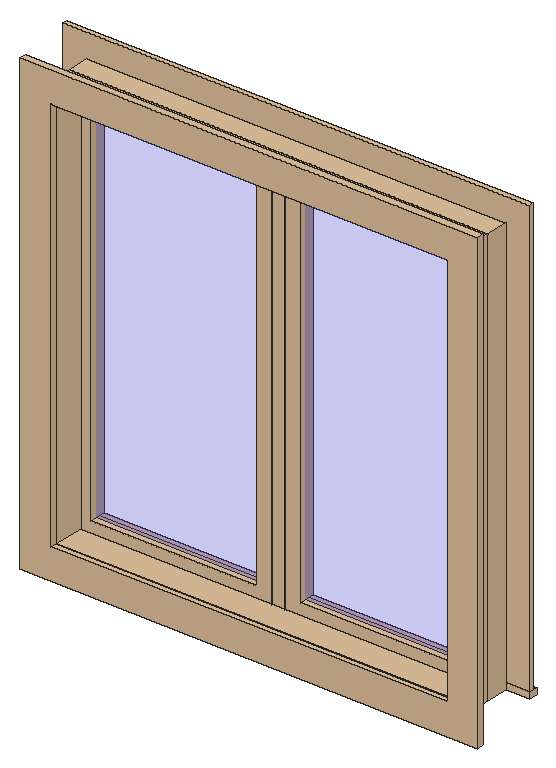
Revit family "M_Casement Dbl with Trim", category Windows, host Wall, Revit 2018
Family settings
  Host = Wall
  OmniClass Number = 23.30.20.17.21.14
  OmniClass Title = Casement Windows
  Always vertical = Yes
  Cut with Voids When Loaded = No
  Shared = No
  Room Calculation Point = No
Parameters (values of type "1220 x 1220mm")
  Visual Light Transmittance = 0.9
  Solar Heat Gain Coefficient = 0.78
  Construction Type Id = "GSP4R"
  Heat Transfer Coefficient (U) = 3.6886 W/(m²·K)
  Glass Pane Material = Glass
  Height = 1220.00 mm
  Sash = Sash
  Default Sill Height = 915.00 mm
  Trim Exterior Material = Trim
  Trim Interior Material = Trim
  Trim Projection - Ext. = 13.00 mm
  Trim Projection - Int. = 19.00 mm
  Trim Width - Exterior = 89.00 mm
  Trim Width - Interior = 89.00 mm
  Wall Closure = By host
  Width = 1220.00 mm
  Window Inset = 19.00 mm
  Analytic Construction = "1/8 in Pilkington single glazing"
Reference planes
  plane 1: y = 0
  plane 2: z = 0
  plane 3 "Center": x = 0
  plane 4 "Left": x = -610
  plane 5 "Right": x = 610
  plane 6 "Sill": z = 915
  plane 7 "Top": z = 2135
  plane 8: y = 95.25
  plane 9: y = -57.15
  plane 10: y = 76.25
  plane 11 "Top": z = 1525
  plane 12: x = -578.25
  plane 13: x = -679.95
  plane 14: x = -667.25
  plane 15: x = 578.25
  plane 16: x = 679.95
  plane 17: x = 667.25
  plane 18: x = 590.95
  plane 19: x = -590.95
  plane 20: z = 2204.95
  plane 21: z = 2192.25
  plane 22: z = 2115.95
  plane 23: z = 2103.25
  plane 24: z = 946.75
  plane 25: z = 857.75
  plane 26 "Closure": y = 46.8
Forms (mm)
  Extrusion 1, solid, material "Trim" <- "Trim Exterior Material"
    sketch origin (0, 0, 0) x (1, 0, 0) y (0, 0, 1)
      loop
        line (-610, 2135) -> (-610, 915) -> (610, 915) -> (610, 2135) -> (-610, 2135)
      loop
        line (-590.95, 2115.95) -> (-590.95, 934.05) -> (590.95, 934.05) -> (590.95, 2115.95) -> (-590.95, 2115.95)
    from -95.25 to -31.8
  Extrusion 2, solid, material "Trim" <- "Trim Interior Material"
    sketch origin (0, 0, 0) x (-1, 0, 0) y (0, 0, 1)
      loop
        line (-610, 2135) -> (-610, 915) -> (610, 915) -> (610, 2135) -> (-610, 2135)
      loop
        line (-578.25, 2103.25) -> (-578.25, 946.75) -> (578.25, 946.75) -> (578.25, 2103.25) -> (-578.25, 2103.25)
    from 31.8 to -57.15
  Extrusion 3, solid, material "Sash" <- "Sash"
    sketch origin (0, 0, 0) x (-1, 0, 0) y (0, 0, 1)
      loop
        line (19.05, 2115.95) -> (19.05, 934.05) -> (590.95, 934.05) -> (590.95, 2115.95) -> (19.05, 2115.95)
      loop
        line (63.5, 2071.5) -> (63.5, 978.5) -> (546.5, 978.5) -> (546.5, 2071.5) -> (63.5, 2071.5)
    from 31.8 to 76.25
  Extrusion 4, solid, material "Glass" <- "Glass Pane Material"
    sketch origin (-124.971, 0, -117.036) x (1, 0, 0) y (0, 0, 1)
      loop
        line (-421.529, 2188.536) -> (-421.529, 1095.536) -> (61.471, 1095.536) -> (61.471, 2188.536) -> (-421.529, 2188.536)
    from -60.375 to -47.675
  Extrusion 5, solid, material "Trim" <- "Trim Interior Material"
    sketch origin (0, 0, 0) x (1, 0, 0) y (0, 0, 1)
      loop
        line (-578.25, 2103.25) -> (-578.25, 946.75) -> (578.25, 946.75) -> (578.25, 2103.25) -> (-578.25, 2103.25)
      loop
        line (-667.25, 2192.25) -> (-667.25, 857.75) -> (667.25, 857.75) -> (667.25, 2192.25) -> (-667.25, 2192.25)
    from 57.15 to 76.15
  Extrusion 6, solid, material "Trim" <- "Trim Exterior Material"
    sketch origin (0, 0, 0) x (-1, 0, 0) y (0, 0, 1)
      loop
        line (-590.95, 2115.95) -> (590.95, 2115.95) -> (590.95, 934.05) -> (679.95, 934.05) -> (679.95, 2204.95) -> (-679.95, 2204.95) -> (-679.95, 934.05) -> (-590.95, 934.05) -> (-590.95, 2115.95)
    from 95.25 to 108.25
  Extrusion 7, solid, material "Trim" <- "Trim Exterior Material"
    sketch origin (0, 0, 0) x (-1, 0, 0) y (0, 0, 1)
      loop
        line (-679.95, 934.05) -> (-679.95, 915) -> (679.95, 915) -> (679.95, 934.05) -> (-679.95, 934.05)
    from 95.25 to 120.95
  Extrusion 8, solid, material "Trim" <- "Trim Exterior Material"
    sketch origin (0, 0, 0) x (1, 0, 0) y (0, 0, 1)
      loop
        line (-19.05, 2115.95) -> (-19.05, 934.05) -> (19.05, 934.05) -> (19.05, 2115.95) -> (-19.05, 2115.95)
    from -95.3 to -31.8
  Extrusion 9, solid, material "Sash" <- "Sash"
    sketch origin (0, 0, 0) x (-1, 0, 0) y (0, 0, 1)
      loop
        line (-590.95, 2115.95) -> (-590.95, 934.05) -> (-19.05, 934.05) -> (-19.05, 2115.95) -> (-590.95, 2115.95)
      loop
        line (-546.5, 2071.5) -> (-546.5, 978.5) -> (-63.5, 978.5) -> (-63.5, 2071.5) -> (-546.5, 2071.5)
    from 31.8 to 76.25
  Extrusion 10, solid, material "Glass" <- "Glass Pane Material"
    sketch origin (0, 0, 0) x (-1, 0, 0) y (0, 0, 1)
      loop
        line (-546.5, 2071.5) -> (-546.5, 978.5) -> (-63.5, 978.5) -> (-63.5, 2071.5) -> (-546.5, 2071.5)
    from 47.675 to 60.375
Lines and regions (mm)
  Opening 1
    outline origin (-1524, -57.15, 0) x (1, 0, 0) y (0, 0, 1)
      loop
        line (914, 2135) -> (914, 915) -> (2134, 915) -> (2134, 2135) -> (914, 2135)
  symbolic lines, style "WindowsFrameMullionProjection"
    curve 1: line (-610, 95.25, 0) -> (-590.95, 95.25, 0)
    curve 2: line (-590.95, 31.8, 0) -> (-590.95, 95.25, 0)
    curve 3: line (-590.95, 31.8, 0) -> (-578.25, 31.8, 0)
    curve 4: line (-578.25, -57.15, 0) -> (-578.25, 31.8, 0)
    curve 5: line (610, 95.25, 0) -> (590.95, 95.25, 0)
    curve 6: line (578.25, 31.8, 0) -> (578.25, -57.15, 0)
    curve 7: line (590.95, 31.8, 0) -> (590.95, 95.25, 0)
    curve 8: line (-590.95, 76.25, 0) -> (-546.5, 76.25, 0)
    curve 9: line (-590.95, 76.25, 0) -> (-590.95, 31.8, 0)
    curve 10: line (-590.95, 31.8, 0) -> (-546.5, 31.8, 0)
    curve 11: line (-546.5, 76.25, 0) -> (-546.5, 31.8, 0)
    curve 12: line (590.95, 76.25, 0) -> (546.5, 76.25, 0)
    curve 13: line (590.95, 76.25, 0) -> (590.95, 31.8, 0)
    curve 14: line (590.95, 31.8, 0) -> (546.5, 31.8, 0)
    curve 15: line (546.5, 76.25, 0) -> (546.5, 31.8, 0)
    curve 21: line (-578.25, -57.15, 0) -> (-610, -57.15, 0)
    curve 22: line (578.25, -57.15, 0) -> (610, -57.15, 0)
    curve 27: line (-19.05, 95.3, 0) -> (19.05, 95.3, 0)
    curve 28: line (-19.05, 95.3, 0) -> (-19.05, 31.8, 0)
    curve 29: line (-19.05, 31.8, 0) -> (19.05, 31.8, 0)
    curve 30: line (19.05, 95.3, 0) -> (19.05, 31.8, 0)
    curve 31: line (-63.5, 76.25, 0) -> (-19.05, 76.25, 0)
    curve 32: line (-63.5, 76.25, 0) -> (-63.5, 31.8, 0)
    curve 33: line (-63.5, 31.8, 0) -> (-19.05, 31.8, 0)
    curve 34: line (-19.05, 76.25, 0) -> (-19.05, 31.8, 0)
    curve 35: line (63.5, 76.25, 0) -> (19.05, 76.25, 0)
    curve 36: line (63.5, 76.25, 0) -> (63.5, 31.8, 0)
    curve 37: line (63.5, 31.8, 0) -> (19.05, 31.8, 0)
    curve 38: line (19.05, 76.25, 0) -> (19.05, 31.8, 0)
  symbolic lines, style "WindowsGlassProjection"
    curve 16: line (-546.5, 54.025, 0) -> (-63.5, 54.025, 0)
    curve 39: line (63.5, 54.025, 0) -> (546.5, 54.025, 0)
  symbolic lines, style "Elevation Swing"
    curve 17: line (546.5, 76.25, 1521.672) -> (63.5, 76.25, 2071.5)
    curve 18: line (546.5, 76.25, 1521.672) -> (63.5, 76.25, 978.5)
    curve 19: line (63.5, 31.8, 978.5) -> (546.5, 31.8, 1521.672)
    curve 20: line (546.5, 31.8, 1521.672) -> (63.5, 31.8, 2071.5)
    curve 23: line (-63.5, 76.25, 2071.5) -> (-546.5, 76.25, 1528.328)
    curve 24: line (-546.5, 76.25, 1528.328) -> (-63.5, 76.25, 978.5)
    curve 25: line (-63.5, 31.8, 2071.5) -> (-546.5, 31.8, 1528.328)
    curve 26: line (-546.5, 31.8, 1528.328) -> (-63.5, 31.8, 978.5)
Text (mm)
  text "EXTERIOR" at (-1437.207, 772.553, 0), in view "Floor Line"
  text "INTERIOR" at (-1490.695, -586.534, 0), in view "Floor Line"
  text "Exterior" at (0, 1108.87, 3415.022), in view "Left"
  text "Exterior" at (0, 464.664, 3176.206), in view "Right"
Dimensions and locks
  equal spacing: plane 4 "Left", plane 3 "Center", plane 5 "Right"
  "Width": plane 4 "Left" to plane 5 "Right"
  plane 2 to plane 25 to plane 6 "Sill" to plane 11 "Top" to plane 7 "Top" = 857.75 mm, 57.25 mm, 610.00 mm, 610.00 mm
  "Window Inset": plane 8 to plane 10
  locked: plane 10 to Extrusion 3 at 44.45
  locked: plane 10 to Extrusion 4 at 15.875
  locked: Extrusion 4 to Extrusion 4 at 12.7
  "Trim Projection - Int.": Extrusion 5 to Extrusion 5
  equal spacing: plane 6 "Sill", plane 11 "Top", plane 7 "Top"
  locked: Extrusion 7 to Extrusion 6 at 12.7
  "Trim Projection - Ext.": Extrusion 6 to Extrusion 6
  locked: Extrusion 10 to Extrusion 9 at 15.875
  locked: Extrusion 10 to Extrusion 10 at 12.7
  locked: Extrusion 9 to Extrusion 8 at 19.05
  locked: plane 4 "Left" to plane 19 at 19.05
  locked: plane 18 to plane 5 "Right" at 19.05
  locked: plane 15 to plane 5 "Right" at 31.75
  locked: plane 4 "Left" to plane 12 at 31.75
  locked: plane 22 to plane 7 "Top" at 19.05
  "Trim Width - Exterior": plane 22 to plane 20
  "Trim Width - Exterior": plane 18 to plane 16
  "Trim Width - Exterior": plane 13 to plane 19
  locked: plane 7 "Top" to plane 23 at 31.75
  locked: plane 24 to plane 6 "Sill" at 31.75
  "Trim Width - Interior": plane 21 to plane 23
  "Trim Width - Interior": plane 24 to plane 25
  "Trim Width - Interior": plane 14 to plane 12
  "Trim Width - Interior": plane 15 to plane 17
  locked: Extrusion 7 sketch curve to Extrusion 7 sketch curve at 19.05
  "Height": plane 7 "Top" to plane 6 "Sill"
  "Default Sill Height": plane 6 "Sill" to plane 2
  locked: plane 26 "Closure" to plane 8 at 48.45
  aligned and locked: plane 7 "Top" to Opening 1 sketch curve
  aligned and locked: plane 6 "Sill" to Opening 1 sketch curve  (x2)
  aligned and locked: plane 5 "Right" to Opening 1 sketch curve
  aligned and locked: plane 4 "Left" to Opening 1 sketch curve
  aligned and locked: plane 9 to host wall
  aligned and locked: host wall to Extrusion 2
  aligned and locked: plane 10 to Extrusion 3
  aligned and locked: plane 8 to host wall
  aligned and locked: host wall to Extrusion 1
  aligned and locked: Extrusion 2 to Extrusion 1
  aligned and locked: Extrusion 1 to Extrusion 3
  aligned and locked: Extrusion 4 sketch curve to Extrusion 3  (x4)
  aligned and locked: Extrusion 1 to curve 10
  aligned and locked: Extrusion 5 sketch curve to Extrusion 2  (x4)
  aligned and locked: Extrusion 5 to host wall
  aligned and locked: Extrusion 7 sketch curve to Extrusion 6  (x2)
  aligned and locked: Extrusion 6 to host wall
  aligned and locked: Extrusion 7 to host wall
  aligned and locked: Extrusion 1 to Extrusion 8 sketch curve  (x2)
  aligned and locked: Extrusion 3 sketch curve to Extrusion 8
  aligned and locked: Extrusion 9 sketch curve to Extrusion 1  (x2)
  aligned and locked: Extrusion 9 sketch curve to Extrusion 8  (x2)
  aligned and locked: Extrusion 1 to Extrusion 8
  aligned and locked: Extrusion 9 to Extrusion 3
  aligned and locked: Extrusion 1 to Extrusion 9
  aligned and locked: Extrusion 10 sketch curve to Extrusion 9  (x4)
  aligned and locked: Extrusion 4 to Extrusion 10
  aligned and locked: curve 19 to Extrusion 9
  aligned and locked: Extrusion 9 to curve 19
  aligned and locked: Extrusion 3 to curve 23
  aligned and locked: curve 23 to Extrusion 3
  aligned and locked: curve 24 to Extrusion 3
  aligned and locked: curve 27 to Extrusion 8  (x2)
  aligned and locked: curve 30 to Extrusion 8  (x2)
  aligned and locked: curve 16 to curve 39
  aligned and locked: curve 15 to Extrusion 9
  aligned and locked: Extrusion 1 to curve 13
  aligned and locked: Extrusion 2 to curve 6
  aligned and locked: curve 7 to Extrusion 1
  aligned and locked: Extrusion 2 to curve 22
  aligned and locked: curve 11 to Extrusion 3
  aligned and locked: curve 9 to Extrusion 3
  aligned and locked: curve 2 to Extrusion 1
  aligned and locked: curve 1 to Extrusion 1
  aligned and locked: curve 14 to Extrusion 1
Automatic sketch dimensions
  Extrusion 1 sketch curve to plane 4 "Left" = 0.00 mm
  Extrusion 1 sketch curve to plane 5 "Right" = 0.00 mm
  Extrusion 1 sketch curve to plane 4 "Left" = 19.05 mm
  plane 5 "Right" to Extrusion 1 sketch curve = 19.05 mm
  Extrusion 1 sketch curve to plane 6 "Sill" = 0.00 mm
  Extrusion 1 sketch curve to plane 7 "Top" = 0.00 mm
  Extrusion 1 sketch curve to plane 6 "Sill" = 19.05 mm
  plane 7 "Top" to Extrusion 1 sketch curve = 19.05 mm
  Extrusion 2 sketch curve to plane 5 "Right" = 0.00 mm
  Extrusion 2 sketch curve to plane 4 "Left" = 0.00 mm
  plane 5 "Right" to Extrusion 2 sketch curve = 31.75 mm
  Extrusion 2 sketch curve to plane 4 "Left" = 31.75 mm
  Extrusion 2 sketch curve to plane 6 "Sill" = 0.00 mm
  Extrusion 2 sketch curve to plane 7 "Top" = 0.00 mm
  Extrusion 2 sketch curve to plane 6 "Sill" = 31.75 mm
  plane 7 "Top" to Extrusion 2 sketch curve = 31.75 mm
  Extrusion 8 sketch curve to plane 3 "Center" = 19.05 mm
  plane 3 "Center" to Extrusion 8 sketch curve = 19.05 mm
  Extrusion 3 sketch curve to Extrusion 3 sketch curve = 44.45 mm  (x2)
  Extrusion 3 sketch curve to plane 4 "Left" = 63.50 mm
  Extrusion 3 sketch curve to plane 4 "Left" = 19.05 mm
  Extrusion 3 sketch curve to plane 6 "Sill" = 19.05 mm
  plane 7 "Top" to Extrusion 3 sketch curve = 63.50 mm
  plane 7 "Top" to Extrusion 3 sketch curve = 19.05 mm
  plane 5 "Right" to Extrusion 9 sketch curve = 63.50 mm
  plane 3 "Center" to Extrusion 9 sketch curve = 63.50 mm
  Extrusion 9 sketch curve to plane 6 "Sill" = 63.50 mm
  plane 7 "Top" to Extrusion 9 sketch curve = 63.50 mm
  curve 1 to plane 4 "Left" = 0.00 mm
  curve 21 to plane 4 "Left" = 0.00 mm
  curve 4 to plane 9 = 0.00 mm
  curve 32 to plane 10 = 0.00 mm
  curve 36 to plane 10 = 0.00 mm
  curve 22 to plane 5 "Right" = 0.00 mm
  curve 5 to plane 5 "Right" = 0.00 mm
  curve 2 to curve 3 = 12.70 mm
  curve 16 to curve 33 = 44.45 mm
  curve 37 to curve 39 = 44.45 mm
  curve 15 to plane 10 = 0.00 mm
  curve 8 to plane 10 = 0.00 mm
  curve 7 to plane 8 = 0.00 mm
  curve 6 to curve 39 = 22.225 mm
  curve 23 to plane 3 "Center" = 63.50 mm
  plane 7 "Top" to curve 17 = 63.50 mm
  curve 25 to curve 23 = 0.00 mm  (x2)
  curve 20 to curve 17 = 0.00 mm
  curve 23 to plane 11 "Top" = 3.328 mm
  curve 26 to curve 23 = 0.00 mm  (x2)
  plane 11 "Top" to curve 18 = 3.328 mm
  curve 19 to curve 17 = 0.00 mm
  curve 18 to plane 6 "Sill" = 63.50 mm
  plane 3 "Center" to curve 19 = 63.50 mm
  curve 24 to plane 3 "Center" = 63.50 mm
  curve 26 to curve 24 = 0.00 mm  (x2)
  plane 3 "Center" to curve 20 = 63.50 mm
  curve 18 to curve 19 = 0.00 mm  (x2)
  curve 17 to curve 20 = 0.00 mm
  Extrusion 7 sketch curve to plane 13 = 0.00 mm
  Extrusion 5 sketch curve to plane 14 = 0.00 mm
  Extrusion 5 sketch curve to plane 17 = 0.00 mm
  Extrusion 5 sketch curve to plane 25 = 0.00 mm
  Extrusion 5 sketch curve to plane 21 = 0.00 mm
  Extrusion 6 sketch curve to plane 16 = 0.00 mm
  Extrusion 6 sketch curve to plane 18 = 0.00 mm
  Extrusion 6 sketch curve to plane 19 = 0.00 mm
  Extrusion 6 sketch curve to plane 13 = 0.00 mm
  Extrusion 6 sketch curve to plane 22 = 0.00 mm
  Extrusion 6 sketch curve to plane 20 = 0.00 mm
  Extrusion 6 sketch curve to plane 6 "Sill" = 19.05 mm  (x2)
